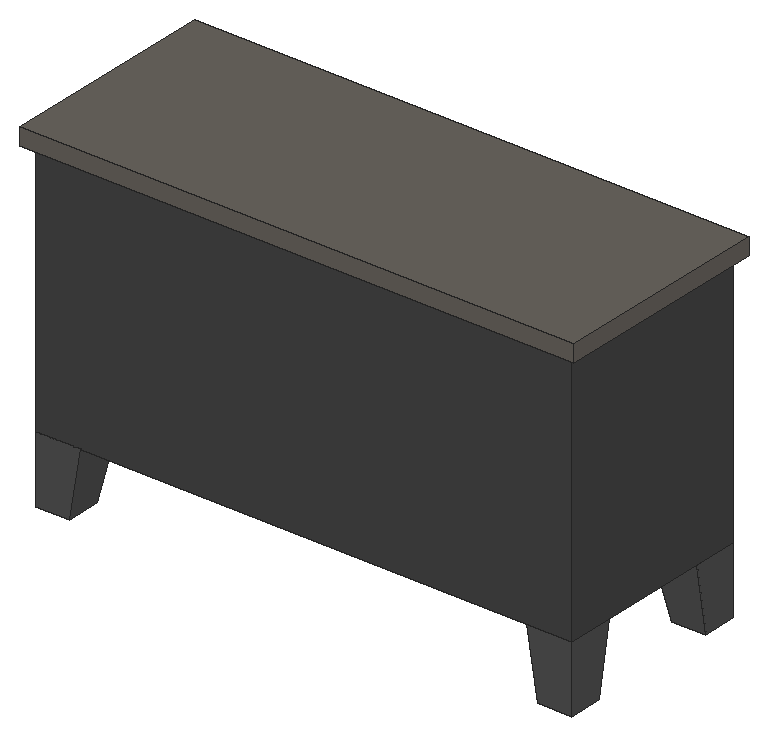
Revit family
Parameters
  서랍폭 = 300.00 mm
  깊이 = 450.00 mm
  몸체 재료 = 몸통
  핸들/다리 재료 = 금속 - 크롬
  상단 재료 = 목재 - 어두움
  높이 = 762.00 mm
  다리 높이 = 150.00 mm
  폭 = 1200.00 mm
  Assembly Code = ""
Reference planes
  plane 1: y = 0
  plane 2: z = 0
  plane 3: x = 0
  plane 4: z = 723.9
  plane 5: z = 150
  plane 6: z = 762
  plane 7 "오른쪽": x = 1200
  plane 8 "정면": y = 450
  plane 9: x = 600
  plane 10: y = 225
  plane 11: y = 462.7
  plane 12: x = 1321.8
  plane 13: x = 203.2
  plane 14: z = 304.8
  plane 15: z = 425.45
  plane 16: z = 546.1
  plane 17: z = 666.75
  plane 18: z = 546.1
  plane 19: z = 666.75
Forms (mm)
  Extrusion 1, solid, material "몸통" <- "몸체 재료"
    sketch origin (0, 0, 0) x (1, 0, 0) y (0, 1, 0)
      loop
        line (0, 450) -> (0, 0) -> (1200, 0) -> (1200, 450) -> (900, 450) -> (900, 50.8) -> (300, 50.8) -> (300, 450) -> (0, 450)
    from 150 to 723.9
  Extrusion 2, solid, material "목재 - 어두움" <- "상단 재료"
    sketch origin (0, 0, 0) x (1, 0, 0) y (0, 1, 0)
      loop
        line (-19.05, 469.05) -> (-19.05, -19.05) -> (1219.05, -19.05) -> (1219.05, 469.05) -> (-19.05, 469.05)
    from 723.9 to 762
  Blend 3, solid, material "금속 - 크롬" <- "핸들/다리 재료"
    base sketch origin (0, 0, 0) x (1, 0, 0) y (0, 1, 0)
      loop
        line (0, 450) -> (0, 373.8) -> (76.2, 373.8) -> (76.2, 450) -> (0, 450)
    top sketch origin (0, 0, 0) x (1, 0, 0) y (0, 1, 0)
      loop
        line (0, 450) -> (0, 348.4) -> (101.6, 348.4) -> (101.6, 450) -> (0, 450)
    from 0 to 150
  Blend 4, solid, material "금속 - 크롬" <- "핸들/다리 재료"
    base sketch origin (0, 0, 0) x (1, 0, 0) y (0, 1, 0)
      loop
        line (0, 0) -> (76.2, 0) -> (76.2, 76.2) -> (0, 76.2) -> (0, 0)
    top sketch origin (0, 0, 0) x (1, 0, 0) y (0, 1, 0)
      loop
        line (0, 0) -> (101.6, 0) -> (101.6, 101.6) -> (0, 101.6) -> (0, 0)
    from 0 to 150
  Blend 5, solid, material "금속 - 크롬" <- "핸들/다리 재료"
    base sketch origin (0, 0, 0) x (1, 0, 0) y (0, 1, 0)
      loop
        line (1200, 0) -> (1200, 76.2) -> (1123.8, 76.2) -> (1123.8, 0) -> (1200, 0)
    top sketch origin (0, 0, 0) x (1, 0, 0) y (0, 1, 0)
      loop
        line (1200, 0) -> (1200, 101.6) -> (1098.4, 101.6) -> (1098.4, 0) -> (1200, 0)
    from 0 to 150
  Blend 6, solid, material "금속 - 크롬" <- "핸들/다리 재료"
    base sketch origin (0, 0, 0) x (1, 0, 0) y (0, 1, 0)
      loop
        line (1200, 450) -> (1123.8, 450) -> (1123.8, 373.8) -> (1200, 373.8) -> (1200, 450)
    top sketch origin (0, 0, 0) x (1, 0, 0) y (0, 1, 0)
      loop
        line (1200, 450) -> (1098.4, 450) -> (1098.4, 348.4) -> (1200, 348.4) -> (1200, 450)
    from 0 to 150
  Extrusion 7, solid, material "몸통" <- "몸체 재료"
    sketch origin (0, 450, 0) x (1, 0, 0) y (0, 0, 1)
      loop
        line (19.05, 704.85) -> (19.05, 600.85) -> (280.95, 600.85) -> (280.95, 704.85) -> (19.05, 704.85)
      loop
        line (19.05, 169.05) -> (280.95, 169.05) -> (280.95, 340.5) -> (19.05, 340.5) -> (19.05, 169.05)
      loop
        line (280.95, 581.8) -> (19.05, 581.8) -> (19.05, 480.2) -> (280.95, 480.2) -> (280.95, 581.8)
      loop
        line (280.95, 461.15) -> (19.05, 461.15) -> (19.05, 359.55) -> (280.95, 359.55) -> (280.95, 461.15)
    from -12.7 to 0
  Extrusion 8, solid, material "몸통" <- "몸체 재료"
    sketch origin (1828.8, 914.4, 0) x (-1, 0, 0) y (0, 0, -1)
      loop
        line (647.85, -704.85) -> (909.75, -704.85) -> (909.75, -603.25) -> (647.85, -603.25) -> (647.85, -704.85)
      loop
        line (647.85, -169.05) -> (647.85, -584.2) -> (909.75, -584.2) -> (909.75, -169.05) -> (647.85, -169.05)
    from 451.7 to 464.4
  Sweep 9, solid, material "금속 - 크롬" <- "핸들/다리 재료"
    path origin (0, 0, 0) x (1, 0, 0) y (0, 1, 0)
      loop
        line (106.35, 462.7) -> (106.35, 488.1) -> (193.65, 488.1) -> (193.65, 462.7)
    profile origin (0, 475.4, 0) x (-1, 0, 0) y (0, 0, 1)
      loop
        line (-106.35, 304.8) -> (-112.7, 304.8) -> (-112.7, 292.1) -> (-106.35, 292.1) -> (-106.35, 304.8)
      loop
        line (-106.35, 425.45) -> (-112.7, 425.45) -> (-112.7, 412.75) -> (-106.35, 412.75) -> (-106.35, 425.45)
      loop
        line (-106.35, 546.1) -> (-112.7, 546.1) -> (-112.7, 533.4) -> (-106.35, 533.4) -> (-106.35, 546.1)
      loop
        line (-106.35, 666.75) -> (-112.7, 666.75) -> (-112.7, 654.05) -> (-106.35, 654.05) -> (-106.35, 666.75)
  Sweep 10, solid, material "금속 - 크롬" <- "핸들/다리 재료"
    path origin (0, 0, 0) x (1, 0, 0) y (0, 1, 0)
      loop
        line (1093.65, 462.7) -> (1093.65, 488.1) -> (1006.35, 488.1) -> (1006.35, 462.7)
    profile origin (0, 475.4, 0) x (-1, 0, 0) y (0, 0, 1)
      loop
        line (-1093.65, 546.1) -> (-1093.65, 533.4) -> (-1087.3, 533.4) -> (-1087.3, 546.1) -> (-1093.65, 546.1)
      loop
        line (-1093.65, 666.75) -> (-1093.65, 654.05) -> (-1087.3, 654.05) -> (-1087.3, 666.75) -> (-1093.65, 666.75)
Lines and regions (mm)
  symbolic lines
    curve 1: line (0, 0, 0) -> (1200, 0, 0)
    curve 2: line (0, 0, 0) -> (0, 450, 0)
    curve 3: line (0, 450, 0) -> (1200, 450, 0)
    curve 4: line (1200, 0, 0) -> (1200, 450, 0)
Dimensions and locks
  "폭": plane 7 "오른쪽" to plane 3
  "깊이": plane 1 to plane 8 "정면"
  "높이": plane 2 to plane 6
  plane 5 to plane 2 = 150.00 mm
  plane 4 to plane 6 = 38.10 mm
  equal spacing: plane 3, plane 9, plane 7 "오른쪽"
  equal spacing: plane 1, plane 10, plane 8 "정면"
  locked: plane 4 to plane 6 at 38.1
  plane 3 to Extrusion 1 sketch curve = 300.00 mm
  Extrusion 1 sketch curve to plane 7 "오른쪽" = 300.00 mm
  "다리 높이": plane 5 to plane 2
  Extrusion 1 to Extrusion 7 sketch curve = 19.05 mm
  plane 3 to Extrusion 7 sketch curve = 19.05 mm
  plane 5 to Extrusion 7 sketch curve = 19.05 mm
  Extrusion 7 sketch curve to plane 4 = 19.05 mm
  locked: plane 11 to plane 8 "정면" at 12.7
  plane 17 to Extrusion 7 = 38.10 mm
  plane 16 to Extrusion 7 = 35.70 mm
  plane 15 to Extrusion 7 = 35.70 mm
  plane 14 to Extrusion 7 = 35.70 mm
  plane 19 to Extrusion 8 = 38.10 mm
  plane 18 to Extrusion 8 = 38.10 mm
  plane 3 to plane 13 = 203.20 mm
  "서랍폭": Extrusion 1 to Extrusion 1  (x2)
  locked: Extrusion 1 to Extrusion 8 at 19.05  (x2)
  equal spacing: Extrusion 7, Sweep 9, Sweep 9, Extrusion 7
  locked: Extrusion 1 to Extrusion 7 at 19.05  (x2)
  equal spacing: Extrusion 8, Sweep 10, Sweep 10, Extrusion 8
  aligned and locked: Extrusion 1 to plane 4
  aligned and locked: plane 4 to Extrusion 2
  aligned and locked: Extrusion 2 to plane 6
  aligned and locked: Extrusion 1 sketch curve to curve 1
  aligned and locked: Extrusion 1 sketch curve to plane 3
  aligned and locked: Extrusion 1 sketch curve to plane 1
  aligned and locked: plane 7 "오른쪽" to curve 4
  aligned and locked: plane 5 to Extrusion 1
  aligned and locked: Blend 4 to plane 5
  aligned and locked: Blend 5 to plane 5
  aligned and locked: Blend 3 to plane 5
  aligned and locked: Blend 6 to plane 5
  aligned and locked: plane 11 to Extrusion 7
  aligned and locked: plane 8 "정면" to Extrusion 1 sketch curve
  aligned and locked: Extrusion 1 sketch curve to plane 8 "정면"
  aligned and locked: plane 11 to Extrusion 8
  aligned and locked: Extrusion 8 to Extrusion 1
Automatic sketch dimensions
  Blend 3 sketch curve to plane 8 "정면" = 0.00 mm  (x2)
  plane 3 to Blend 3 sketch curve = 76.20 mm
  plane 8 "정면" to Blend 3 sketch curve = 76.20 mm
  Blend 3 sketch curve to plane 3 = 0.00 mm  (x2)
  plane 3 to Blend 3 sketch curve = 101.60 mm
  plane 8 "정면" to Blend 3 sketch curve = 101.60 mm
  Blend 4 sketch curve to plane 3 = 0.00 mm  (x2)
  Blend 4 sketch curve to Blend 4 sketch curve = 76.20 mm  (x2)
  Blend 4 sketch curve to plane 1 = 0.00 mm  (x2)
  Blend 4 sketch curve to Blend 4 sketch curve = 101.60 mm  (x2)
  Blend 5 sketch curve to plane 7 "오른쪽" = 0.00 mm  (x2)
  Blend 5 sketch curve to Blend 5 sketch curve = 76.20 mm
  Blend 5 sketch curve to plane 1 = 76.20 mm
  Blend 5 sketch curve to Blend 5 sketch curve = 101.60 mm
  Blend 5 sketch curve to plane 1 = 101.60 mm
  Blend 6 sketch curve to plane 7 "오른쪽" = 0.00 mm  (x2)
  Blend 6 sketch curve to Blend 6 sketch curve = 76.20 mm
  plane 8 "정면" to Blend 6 sketch curve = 76.20 mm
  Blend 6 sketch curve to Blend 6 sketch curve = 101.60 mm
  plane 8 "정면" to Blend 6 sketch curve = 101.60 mm
  Blend 5 sketch curve to plane 1 = 0.00 mm  (x2)
  Blend 6 sketch curve to plane 8 "정면" = 0.00 mm  (x2)
  plane 1 to Extrusion 2 sketch curve = 19.05 mm
  Extrusion 2 sketch curve to plane 8 "정면" = 19.05 mm
  plane 7 "오른쪽" to Extrusion 2 sketch curve = 19.05 mm
  Extrusion 2 sketch curve to plane 3 = 19.05 mm
  Extrusion 7 sketch curve to Extrusion 7 sketch curve = 171.45 mm
  Extrusion 7 sketch curve to Extrusion 7 sketch curve = 19.05 mm  (x3)
  Extrusion 7 sketch curve to Extrusion 7 sketch curve = 101.60 mm  (x2)
  plane 3 to Extrusion 7 sketch curve = 19.05 mm  (x3)
  Extrusion 7 sketch curve to Extrusion 7 sketch curve = 0.00 mm  (x3)
  plane 4 to Extrusion 8 sketch curve = 19.05 mm
  Extrusion 8 sketch curve to plane 7 "오른쪽" = 19.05 mm  (x2)
  Extrusion 8 sketch curve to plane 5 = 19.05 mm
  plane 4 to Extrusion 8 sketch curve = 120.65 mm
  Extrusion 8 sketch curve to Extrusion 8 sketch curve = 261.90 mm
  Extrusion 8 sketch curve to Extrusion 8 sketch curve = 0.00 mm
  Extrusion 8 sketch curve to Extrusion 8 sketch curve = 19.05 mm
  Extrusion 1 sketch curve to plane 1 = 50.80 mm
  curve 3 to plane 3 = 0.00 mm
  curve 1 to plane 1 = 0.00 mm
  curve 3 to plane 8 "정면" = 0.00 mm
  Sweep 9 sketch curve to plane 11 = 0.00 mm  (x2)
  Sweep 9 sketch curve to plane 13 = 96.85 mm
  Sweep 9 sketch curve to plane 13 = 9.55 mm
  Sweep 9 sketch curve to Sweep 9 sketch curve = 25.40 mm
  Sweep 9 sketch curve to plane 14 = 0.00 mm
  Sweep 9 sketch curve to plane 17 = 0.00 mm
  Sweep 9 sketch curve to plane 15 = 0.00 mm
  Sweep 9 sketch curve to plane 16 = 0.00 mm
  Sweep 9 sketch curve to profile plane = 0.00 mm  (x4)
  profile plane to Sweep 9 sketch curve = 6.35 mm  (x4)
  plane 14 to Sweep 9 sketch curve = 12.70 mm
  plane 15 to Sweep 9 sketch curve = 12.70 mm
  plane 16 to Sweep 9 sketch curve = 12.70 mm
  plane 17 to Sweep 9 sketch curve = 12.70 mm
  Sweep 10 sketch curve to plane 11 = 0.00 mm  (x2)
  plane 11 to Sweep 10 sketch curve = 25.40 mm
  plane 12 to Sweep 10 sketch curve = 315.45 mm
  Sweep 10 sketch curve to Sweep 10 sketch curve = 87.30 mm
  Sweep 10 sketch curve to profile plane = 0.00 mm  (x2)
  Sweep 10 sketch curve to plane 19 = 0.00 mm
  Sweep 10 sketch curve to plane 18 = 0.00 mm
  Sweep 10 sketch curve to profile plane = 6.35 mm  (x2)
  plane 18 to Sweep 10 sketch curve = 12.70 mm
  Sweep 10 sketch curve to Sweep 10 sketch curve = 12.70 mm
